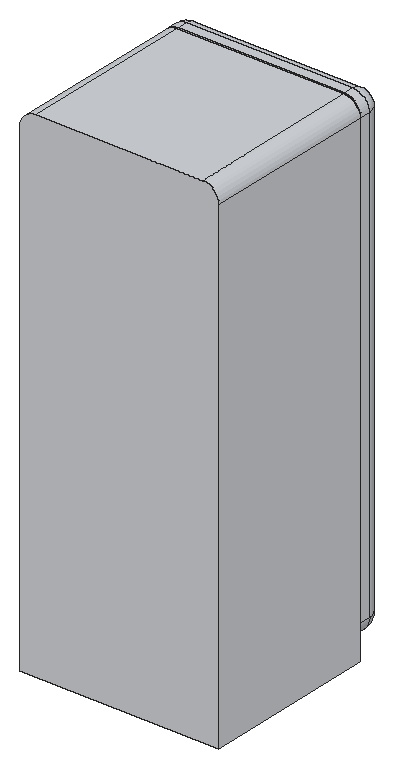
Revit family "Appliance_Fridge_007_Parametric", category Specialty Equipment, Revit 2013
Parameters (values of type "Type A")
  Water Usage Lt = ""
  Water Star Rating WELS = ""
  Supplier Contact No = ""
  Supplier Contact Name = ""
  Supplier Contact Email = ""
  Relocated_Furniture [instance] = no
  QA Date = ""
  QA By = ""
  Not_In_Contract [instance] = no
  Modelling Time = 0
  Modelled Office = ""
  Modelled Date = ""
  Modelled By = "Daniel Moodie"  # constant formula
  GECA Certificate = ""
  GECA Approved = no
  Finish_LOGO = none
  Finish_Handle = none
  Finish_Door = none
  Finish_Body = none
  Energy Usage KWh/yr = 0
  Energy Star Rating = ""
  By_Contractor [instance] = no
  By_Client [instance] = no
  AFRDI Certificate = ""
  AFRDI Approved = no
Reference planes
  plane 1 "Center (Front/Back)": y = 0
  plane 2: z = 0
  plane 3 "Center (Left/Right)": x = 0
  plane 4 "Left": x = -305.098
  plane 5 "Right": x = 305.098
  plane 6: y = 540.224
  plane 7: y = 545.32
  plane 8 "Front": y = 626.174
  plane 9: z = 61.157
  plane 10: z = 1547.942
  plane 11: z = 5
  plane 12: x = -265.098
  plane 13: x = 265.098
  plane 14: y = 505.32
  plane 15: y = 40
Forms (mm)
  Extrusion 1, solid, material <- "Finish_Body"
    sketch origin (0, 0, 0) x (1, 0, 0) y (0, 0, 1)
      loop
        line (254.822, 1547.942) -> (-254.822, 1547.942)
        arc (-254.822, 1547.942) -> (-290.373, 1533.217) -> (-305.098, 1497.667) r 50.275
        line (-305.098, 1497.667) -> (-305.098, 5) -> (305.098, 5) -> (305.098, 1497.667)
        arc (305.098, 1497.667) -> (290.373, 1533.217) -> (254.822, 1547.942) r 50.275
    from -540.224 to 0
  Extrusion 2, solid, material <- "Finish_Body"
    sketch origin (0, 0, 0) x (1, 0, 0) y (0, 0, 1)
      loop
        line (285.098, 81.157) -> (285.098, 1507.942)
        arc (285.098, 1507.942) -> (279.24, 1522.084) -> (265.098, 1527.942) r 20
        line (265.098, 1527.942) -> (-265.098, 1527.942)
        arc (-265.098, 1527.942) -> (-279.24, 1522.084) -> (-285.098, 1507.942) r 20
        line (-285.098, 1507.942) -> (-285.098, 81.157) -> (285.098, 81.157)
    from -545.32 to -540.224
  Extrusion 3, solid, material <- "Finish_Door"
    sketch origin (0, 0, 0) x (1, 0, 0) y (0, 0, 1)
      loop
        line (255.098, 1547.942) -> (-255.098, 1547.942)
        arc (-255.098, 1547.942) -> (-290.453, 1533.298) -> (-305.098, 1497.942) r 50
        line (-305.098, 1497.942) -> (-305.098, 111.157)
        arc (-305.098, 111.157) -> (-290.453, 75.802) -> (-255.098, 61.157) r 50
        line (-255.098, 61.157) -> (255.098, 61.157)
        arc (255.098, 61.157) -> (290.453, 75.802) -> (305.098, 111.157) r 50
        line (305.098, 111.157) -> (305.098, 1497.942)
        arc (305.098, 1497.942) -> (290.453, 1533.298) -> (255.098, 1547.942) r 50
    from -626.174 to -545.32
  Sweep 4, void
    path origin (0, 626.174, 0) x (-1, 0, 0) y (0, 0, 1)
      loop
        line (255.098, 1547.942) -> (-255.098, 1547.942)
        arc (-255.098, 1547.942) -> (-290.453, 1533.298) -> (-305.098, 1497.942) r 50
        line (-305.098, 1497.942) -> (-305.098, 111.157)
        arc (-305.098, 111.157) -> (-290.453, 75.802) -> (-255.098, 61.157) r 50
        line (-255.098, 61.157) -> (255.098, 61.157)
        arc (255.098, 61.157) -> (290.453, 75.802) -> (305.098, 111.157) r 50
        line (305.098, 111.157) -> (305.098, 1497.942)
        arc (305.098, 1497.942) -> (290.453, 1533.298) -> (255.098, 1547.942) r 50
    profile origin (0, 626.174, 1547.942) x (0, 0, -1) y (0, 1, 0)
      loop
        line (0, 0) -> (0, -49)
        arc (0, -49) -> (14.352, -14.352) -> (49, 0) r 49
        line (49, 0) -> (0, 0)
  Extrusion 5, solid, material <- "Finish_LOGO"
    sketch origin (0, 0, 0) x (1, 0, 0) y (0, 0, 1)
      loop
        line (56.463, 1388.322) -> (48.69, 1388.322) -> (40.492, 1370.74) -> (32.293, 1388.322) -> (24.52, 1388.322) -> (24.52, 1363.127) -> (30.814, 1363.127) -> (30.814, 1378.139) -> (38.458, 1363.395) -> (39.468, 1363.395) -> (41.516, 1363.395) -> (42.526, 1363.395) -> (51.209, 1378.139) -> (51.209, 1363.127) -> (56.463, 1363.127) -> (56.463, 1388.322)
      loop
        line (-58.215, 1388.322) -> (-58.215, 1384.963) -> (-38.848, 1384.963) -> (-38.848, 1377.828) -> (-58.215, 1377.828) -> (-58.215, 1373.75) -> (-38.848, 1373.75) -> (-38.848, 1365.596) -> (-58.215, 1365.596) -> (-58.215, 1361.519) -> (-30.694, 1361.519) -> (-30.694, 1388.322) -> (-58.215, 1388.322)
      loop
        arc (-140.111, 1388.054) -> (-142.911, 1386.894) -> (-144.07, 1384.095) r 3.959
        line (-144.07, 1384.095) -> (-144.07, 1379.209) -> (-137.906, 1379.209) -> (-137.906, 1381.82)
        arc (-137.906, 1381.82) -> (-137.179, 1383.575) -> (-135.424, 1384.301) r 2.482
        line (-135.424, 1384.301) -> (-123.477, 1384.301) -> (-120.293, 1384.301)
        arc (-120.293, 1384.301) -> (-118.533, 1383.572) -> (-117.803, 1381.812) r 2.49
        line (-117.803, 1381.812) -> (-117.803, 1368.529)
        arc (-117.803, 1368.529) -> (-118.528, 1366.781) -> (-120.276, 1366.057) r 2.472
        line (-120.276, 1366.057) -> (-135.892, 1366.057)
        arc (-135.892, 1366.057) -> (-137.695, 1366.804) -> (-138.442, 1368.607) r 2.55
        line (-138.442, 1368.607) -> (-138.442, 1372.35) -> (-126.917, 1372.35) -> (-126.917, 1375.188) -> (-144.07, 1375.188) -> (-144.07, 1366.519)
        arc (-144.07, 1366.519) -> (-142.606, 1362.983) -> (-139.07, 1361.519) r 5
        line (-139.07, 1361.519) -> (-117.675, 1361.519)
        arc (-117.675, 1361.519) -> (-113.786, 1363.13) -> (-112.175, 1367.019) r 5.5
        line (-112.175, 1367.019) -> (-112.175, 1382.554)
        arc (-112.175, 1382.554) -> (-113.786, 1386.443) -> (-117.675, 1388.054) r 5.5
        line (-117.675, 1388.054) -> (-119.948, 1388.054) -> (-140.111, 1388.054)
      loop
        arc (135.078, 1382.695) -> (137.759, 1380.014) -> (135.078, 1377.333) r 2.681
        line (135.078, 1377.333) -> (129.052, 1377.333) -> (125.836, 1377.333) -> (118.331, 1377.333) -> (112.418, 1377.333)
        arc (112.418, 1377.333) -> (109.587, 1376.16) -> (108.414, 1373.328) r 4.004
        line (108.414, 1373.328) -> (108.414, 1370.096) -> (108.414, 1366.005)
        arc (108.414, 1366.005) -> (109.571, 1363.212) -> (112.364, 1362.055) r 3.95
        line (112.364, 1362.055) -> (141.72, 1362.055)
        arc (141.72, 1362.055) -> (143.134, 1362.641) -> (143.72, 1364.055) r 2
        line (143.72, 1364.055) -> (143.72, 1370.363) -> (140.305, 1370.363) -> (140.305, 1368.648)
        arc (140.305, 1368.648) -> (139.866, 1367.587) -> (138.805, 1367.148) r 1.5
        line (138.805, 1367.148) -> (130.928, 1367.148) -> (123.423, 1367.148) -> (118.694, 1367.148)
        arc (118.694, 1367.148) -> (115.853, 1369.988) -> (118.694, 1372.829) r 2.841
        line (118.694, 1372.829) -> (139.75, 1372.829)
        arc (139.75, 1372.829) -> (142.557, 1373.992) -> (143.72, 1376.799) r 3.97
        line (143.72, 1376.799) -> (143.72, 1383.786)
        arc (143.72, 1383.786) -> (142.548, 1386.614) -> (139.72, 1387.786) r 4
        line (139.72, 1387.786) -> (111.267, 1387.786)
        arc (111.267, 1387.786) -> (109.818, 1387.186) -> (109.218, 1385.736) r 2.049
        line (109.218, 1385.736) -> (109.218, 1379.477) -> (116.187, 1379.477) -> (116.187, 1381.197)
        arc (116.187, 1381.197) -> (116.625, 1382.256) -> (117.684, 1382.695) r 1.498
        line (117.684, 1382.695) -> (135.078, 1382.695)
    from -631.271 to -626.174
  Extrusion 6, solid, material <- "Finish_Handle"
    sketch origin (0, 0, -32.252) x (1, 0, 0) y (0, 1, 0)
      loop
        line (223.522, 626.174) -> (254.822, 626.174) -> (254.822, 648.598) -> (182.453, 648.598) -> (182.453, 642.483) -> (223.522, 642.483) -> (223.522, 626.174)
    from 1100.913 to 1103.906
  Extrusion 7, solid, material <- "Finish_Handle"
    sketch origin (0, 0, -37.616) x (1, 0, 0) y (0, 1, 0)
      loop
        line (223.522, 626.174) -> (254.822, 626.174) -> (254.822, 648.598) -> (182.453, 648.598) -> (182.453, 642.483) -> (223.522, 642.483) -> (223.522, 626.174)
    from 1100.913 to 1103.551
  Extrusion 8, solid, material <- "Finish_Handle"
    sketch origin (0, 0, 0) x (1, 0, 0) y (0, 0, 1)
      loop
        line (223.224, 1071.655) -> (223.224, 1079.653) -> (108.067, 1075.631)
        arc (108.067, 1075.631) -> (38.19, 1071.583) -> (-31.508, 1065.158) r 2056.327
        arc (-31.508, 1065.158) -> (-34.036, 1063.86) -> (-35.051, 1061.206) r 3.976
        line (-35.051, 1061.206) -> (-35.051, 1052.103)
        arc (-35.051, 1052.103) -> (-34.036, 1049.449) -> (-31.508, 1048.151) r 3.976
        arc (-31.508, 1048.151) -> (38.19, 1041.727) -> (108.067, 1037.678) r 2056.327
        line (108.067, 1037.678) -> (223.224, 1033.657) -> (223.224, 1041.655) -> (182.453, 1041.655) -> (182.453, 1071.655) -> (223.224, 1071.655)
      loop
        line (221.424, 1073.455) -> (221.424, 1077.789) -> (108.135, 1073.833)
        arc (108.135, 1073.833) -> (38.302, 1069.786) -> (-31.352, 1063.365) r 2054.527
        arc (-31.352, 1063.365) -> (-32.707, 1062.669) -> (-33.251, 1061.246) r 2.131
        line (-33.251, 1061.246) -> (-33.251, 1052.063)
        arc (-33.251, 1052.063) -> (-32.707, 1050.64) -> (-31.352, 1049.945) r 2.131
        arc (-31.352, 1049.945) -> (38.302, 1043.523) -> (108.135, 1039.477) r 2054.527
        line (108.135, 1039.477) -> (221.424, 1035.521) -> (221.424, 1039.855) -> (180.653, 1039.855) -> (180.653, 1073.455) -> (221.424, 1073.455)
    from -645.541 to -642.483
  Extrusion 9, solid, material <- "Finish_Handle"
    sketch origin (0, 0, -10.785) x (1, 0, 0) y (0, 1, 0)
      loop
        line (143.72, 646.56) -> (143.72, 642.483) -> (182.453, 642.483) -> (182.453, 646.56)
        arc (182.453, 646.56) -> (163.086, 648.598) -> (143.72, 646.56) r 93.01
    from 1052.427 to 1082.284
  Extrusion 10, solid, material <- "Finish_Handle"
    sketch origin (0, 0, -34.89) x (1, 0, 0) y (0, 1, 0)
      loop
        line (223.522, 626.174) -> (251.765, 626.174) -> (251.765, 645.541) -> (182.453, 645.541) -> (182.453, 642.483) -> (223.522, 642.483) -> (223.522, 626.174)
    from 1100.826 to 1103.551
  Extrusion 11, solid, material <- "Finish_Handle"
    sketch origin (0, 0, -40.254) x (1, 0, 0) y (0, 1, 0)
      loop
        line (223.522, 626.174) -> (251.765, 626.174) -> (251.765, 645.541) -> (182.453, 645.541) -> (182.453, 642.483) -> (223.522, 642.483) -> (223.522, 626.174)
    from 1100.826 to 1103.551
  Extrusion 12, solid, material <- "Finish_Handle"
    sketch origin (0, 0, -42.98) x (1, 0, 0) y (0, 1, 0)
      loop
        line (223.522, 626.174) -> (254.822, 626.174) -> (254.822, 648.598) -> (182.453, 648.598) -> (182.453, 642.483) -> (223.522, 642.483) -> (223.522, 626.174)
    from 1100.913 to 1103.551
  Extrusion 13, solid, material <- "Finish_Handle"
    sketch origin (0, 0, -48.344) x (1, 0, 0) y (0, 1, 0)
      loop
        line (223.522, 626.174) -> (254.822, 626.174) -> (254.822, 648.598) -> (182.453, 648.598) -> (182.453, 642.483) -> (223.522, 642.483) -> (223.522, 626.174)
    from 1100.913 to 1103.551
  Extrusion 14, solid, material <- "Finish_Handle"
    sketch origin (0, 0, -45.618) x (1, 0, 0) y (0, 1, 0)
      loop
        line (223.522, 626.174) -> (251.765, 626.174) -> (251.765, 645.541) -> (182.453, 645.541) -> (182.453, 642.483) -> (223.522, 642.483) -> (223.522, 626.174)
    from 1100.826 to 1103.551
  Extrusion 15, solid, material <- "Finish_Handle"
    sketch origin (0, 0, -50.982) x (1, 0, 0) y (0, 1, 0)
      loop
        line (223.522, 626.174) -> (251.765, 626.174) -> (251.765, 645.541) -> (182.453, 645.541) -> (182.453, 642.483) -> (223.522, 642.483) -> (223.522, 626.174)
    from 1100.826 to 1103.551
  Extrusion 16, solid, material <- "Finish_Handle"
    sketch origin (0, 0, -53.708) x (1, 0, 0) y (0, 1, 0)
      loop
        line (223.522, 626.174) -> (254.822, 626.174) -> (254.822, 648.598) -> (182.453, 648.598) -> (182.453, 642.483) -> (223.522, 642.483) -> (223.522, 626.174)
    from 1100.913 to 1103.551
  Extrusion 17, solid, material <- "Finish_Handle"
    sketch origin (0, 0, -59.072) x (1, 0, 0) y (0, 1, 0)
      loop
        line (223.522, 626.174) -> (254.822, 626.174) -> (254.822, 648.598) -> (182.453, 648.598) -> (182.453, 642.483) -> (223.522, 642.483) -> (223.522, 626.174)
    from 1100.726 to 1103.551
  Extrusion 18, solid, material <- "Finish_Handle"
    sketch origin (0, 0, -56.346) x (1, 0, 0) y (0, 1, 0)
      loop
        line (223.522, 626.174) -> (251.765, 626.174) -> (251.765, 645.541) -> (182.453, 645.541) -> (182.453, 642.483) -> (223.522, 642.483) -> (223.522, 626.174)
    from 1100.826 to 1103.551
  Extrusion 19, solid, material <- "Finish_Handle"
    sketch origin (0.027, 626.174, 0.011) x (-1, 0, 0) y (0, 0, 1)
      loop
        arc (33.278, 1060.815) -> (32.734, 1062.237) -> (31.379, 1062.933) r 2.131
        arc (31.379, 1062.933) -> (19.971, 1064.149) -> (8.555, 1065.301) r 2054.527
        arc (8.555, 1065.301) -> (7.137, 1064.831) -> (6.532, 1063.466) r 1.844
        line (6.532, 1063.466) -> (6.532, 1049.759)
        arc (6.532, 1049.759) -> (7.118, 1048.436) -> (8.492, 1047.981) r 1.786
        arc (8.492, 1047.981) -> (19.939, 1049.136) -> (31.379, 1050.355) r 2054.527
        arc (31.379, 1050.355) -> (32.734, 1051.051) -> (33.278, 1052.473) r 2.131
        line (33.278, 1052.473) -> (33.278, 1060.815)
    from 0 to 11.016
  Extrusion 20, solid, material <- "Finish_Handle"
    sketch origin (0, 626.174, 0) x (-1, 0, 0) y (0, 0, 1)
      loop
        line (-180.653, 1039.855) -> (-221.424, 1039.855) -> (-221.424, 1035.521) -> (-108.135, 1039.477)
        arc (-108.135, 1039.477) -> (-38.302, 1043.523) -> (31.352, 1049.945) r 2054.527
        arc (31.352, 1049.945) -> (32.707, 1050.64) -> (33.251, 1052.063) r 2.131
        line (33.251, 1052.063) -> (33.251, 1061.246)
        arc (33.251, 1061.246) -> (32.707, 1062.669) -> (31.352, 1063.365) r 2.131
        arc (31.352, 1063.365) -> (-38.302, 1069.786) -> (-108.135, 1073.833) r 2054.527
        line (-108.135, 1073.833) -> (-221.424, 1077.789) -> (-221.424, 1073.455) -> (-180.653, 1073.455) -> (-180.653, 1039.855)
    from 11.016 to 16.309
  Extrusion 21, solid
    sketch origin (0, 0, 0) x (1, 0, 0) y (0, 1, 0)
      loop
        circle (-265.098, 505.32) r 20
    from 0 to 5
  Extrusion 22, solid
    sketch origin (0, 0, 0) x (1, 0, 0) y (0, 1, 0)
      loop
        circle (265.098, 505.32) r 20
    from 0 to 5
  Extrusion 23, solid
    sketch origin (0, 0, 0) x (1, 0, 0) y (0, 1, 0)
      loop
        circle (-265.098, 40) r 20
    from 0 to 5
  Extrusion 24, solid
    sketch origin (0, 0, 0) x (1, 0, 0) y (0, 1, 0)
      loop
        circle (265.098, 40) r 20
    from 0 to 5
Cuts and joins
  Sweep 4 cuts Extrusion 3
Text (mm)
  text "Front" at (-1864.71, 1927.723, 0), in view "Ref. Level"
  text "Back" at (-1864.71, -1851.485, 0), in view "Ref. Level"
Dimensions and locks
  plane 1 "Center (Front/Back)" to plane 6 = 540.224 mm
  equal spacing: plane 4 "Left", plane 3 "Center (Left/Right)", plane 5 "Right"
  plane 4 "Left" to plane 5 "Right" = 610.196 mm
  plane 8 "Front" to plane 1 "Center (Front/Back)" = 626.174 mm
  plane 4 "Left" to plane 12 = 40 mm
  plane 13 to plane 5 "Right" = 40 mm
  plane 14 to plane 7 = 40 mm
  plane 1 "Center (Front/Back)" to plane 15 = 40 mm
  aligned and locked: level to plane 2
  aligned and locked: plane 10 to Extrusion 1 sketch curve
  aligned and locked: plane 5 "Right" to Extrusion 1 sketch curve
  aligned and locked: plane 4 "Left" to Extrusion 1 sketch curve
  aligned and locked: plane 1 "Center (Front/Back)" to Extrusion 1
  aligned and locked: plane 6 to Extrusion 1
  aligned and locked: Extrusion 2 to plane 6
  aligned and locked: Extrusion 2 to plane 7
  aligned and locked: plane 10 to Extrusion 3 sketch curve
  aligned and locked: plane 5 "Right" to Extrusion 3 sketch curve
  aligned and locked: Extrusion 3 sketch curve to plane 9
  aligned and locked: Extrusion 3 sketch curve to plane 4 "Left"
  aligned and locked: plane 8 "Front" to Extrusion 3
  aligned and locked: plane 7 to Extrusion 3
  aligned and locked: Sweep 4 sketch curve to Extrusion 3  (x4)
  aligned and locked: Extrusion 6 sketch curve to plane 8 "Front"
  aligned and locked: plane 11 to Extrusion 1 sketch curve
  aligned and locked: plane 11 to Extrusion 24
  aligned and locked: plane 11 to Extrusion 22
  aligned and locked: plane 11 to Extrusion 21
  aligned and locked: plane 11 to Extrusion 23
Automatic sketch dimensions
  plane 4 "Left" to Extrusion 2 sketch curve = 20 mm
  Extrusion 2 sketch curve to Extrusion 2 sketch curve = 20 mm
  Extrusion 2 sketch curve to plane 5 "Right" = 40 mm
  Extrusion 2 sketch curve to plane 5 "Right" = 20 mm
  plane 9 to Extrusion 2 sketch curve = 20 mm
  Extrusion 2 sketch curve to plane 10 = 40 mm
  plane 4 "Left" to Extrusion 3 sketch curve = 50 mm  (x2)
  Extrusion 3 sketch curve to plane 5 "Right" = 50 mm  (x2)
  Sweep 4 sketch curve to profile plane = 0 mm  (x2)
  Sweep 4 sketch curve to Sweep 4 sketch curve = 49 mm
  plane 8 "Front" to Extrusion 6 sketch curve = 22.424 mm
  Extrusion 6 sketch curve to plane 5 "Right" = 122.645 mm
  plane 8 "Front" to Extrusion 6 sketch curve = 16.309 mm
  Extrusion 6 sketch curve to Extrusion 6 sketch curve = 41.069 mm
  Extrusion 6 sketch curve to Extrusion 6 sketch curve = 31.301 mm
  Extrusion 7 sketch curve to plane 8 "Front" = 0 mm
  plane 8 "Front" to Extrusion 7 sketch curve = 22.424 mm
  Extrusion 7 sketch curve to plane 5 "Right" = 122.645 mm
  plane 8 "Front" to Extrusion 7 sketch curve = 16.309 mm
  Extrusion 7 sketch curve to Extrusion 7 sketch curve = 41.069 mm
  Extrusion 7 sketch curve to Extrusion 7 sketch curve = 31.301 mm
  plane 8 "Front" to Extrusion 9 sketch curve = 16.309 mm
  plane 3 "Center (Left/Right)" to Extrusion 9 sketch curve = 143.72 mm
  Extrusion 9 sketch curve to plane 7 = 10.268 mm
  Extrusion 9 sketch curve to Extrusion 9 sketch curve = 19.367 mm
  Extrusion 9 sketch curve to Extrusion 9 sketch curve = 38.733 mm
  Extrusion 9 sketch curve to Extrusion 9 sketch curve = 4.077 mm
  Extrusion 10 sketch curve to plane 8 "Front" = 0 mm
  plane 8 "Front" to Extrusion 10 sketch curve = 19.367 mm
  Extrusion 10 sketch curve to plane 5 "Right" = 122.645 mm
  plane 8 "Front" to Extrusion 10 sketch curve = 16.309 mm
  Extrusion 10 sketch curve to Extrusion 10 sketch curve = 41.069 mm
  Extrusion 10 sketch curve to Extrusion 10 sketch curve = 28.243 mm
  Extrusion 11 sketch curve to plane 8 "Front" = 0 mm
  plane 8 "Front" to Extrusion 11 sketch curve = 19.367 mm
  Extrusion 11 sketch curve to plane 5 "Right" = 122.645 mm
  plane 8 "Front" to Extrusion 11 sketch curve = 16.309 mm
  Extrusion 11 sketch curve to Extrusion 11 sketch curve = 41.069 mm
  Extrusion 11 sketch curve to Extrusion 11 sketch curve = 28.243 mm
  Extrusion 12 sketch curve to plane 8 "Front" = 0 mm
  plane 8 "Front" to Extrusion 12 sketch curve = 22.424 mm
  Extrusion 12 sketch curve to plane 5 "Right" = 122.645 mm
  plane 8 "Front" to Extrusion 12 sketch curve = 16.309 mm
  Extrusion 12 sketch curve to Extrusion 12 sketch curve = 41.069 mm
  Extrusion 12 sketch curve to Extrusion 12 sketch curve = 31.301 mm
  Extrusion 13 sketch curve to plane 8 "Front" = 0 mm
  plane 8 "Front" to Extrusion 13 sketch curve = 22.424 mm
  Extrusion 13 sketch curve to plane 5 "Right" = 122.645 mm
  plane 8 "Front" to Extrusion 13 sketch curve = 16.309 mm
  Extrusion 13 sketch curve to Extrusion 13 sketch curve = 41.069 mm
  Extrusion 13 sketch curve to Extrusion 13 sketch curve = 31.301 mm
  Extrusion 14 sketch curve to plane 8 "Front" = 0 mm
  plane 8 "Front" to Extrusion 14 sketch curve = 19.367 mm
  Extrusion 14 sketch curve to plane 5 "Right" = 122.645 mm
  plane 8 "Front" to Extrusion 14 sketch curve = 16.309 mm
  Extrusion 14 sketch curve to Extrusion 14 sketch curve = 41.069 mm
  Extrusion 14 sketch curve to Extrusion 14 sketch curve = 28.243 mm
  Extrusion 15 sketch curve to plane 8 "Front" = 0 mm
  plane 8 "Front" to Extrusion 15 sketch curve = 19.367 mm
  Extrusion 15 sketch curve to plane 5 "Right" = 122.645 mm
  plane 8 "Front" to Extrusion 15 sketch curve = 16.309 mm
  Extrusion 15 sketch curve to Extrusion 15 sketch curve = 41.069 mm
  Extrusion 15 sketch curve to Extrusion 15 sketch curve = 28.243 mm
  Extrusion 16 sketch curve to plane 8 "Front" = 0 mm
  plane 8 "Front" to Extrusion 16 sketch curve = 22.424 mm
  Extrusion 16 sketch curve to plane 5 "Right" = 122.645 mm
  plane 8 "Front" to Extrusion 16 sketch curve = 16.309 mm
  Extrusion 16 sketch curve to Extrusion 16 sketch curve = 41.069 mm
  Extrusion 16 sketch curve to Extrusion 16 sketch curve = 31.301 mm
  Extrusion 17 sketch curve to plane 8 "Front" = 0 mm
  plane 8 "Front" to Extrusion 17 sketch curve = 22.424 mm
  Extrusion 17 sketch curve to plane 5 "Right" = 122.645 mm
  plane 8 "Front" to Extrusion 17 sketch curve = 16.309 mm
  Extrusion 17 sketch curve to Extrusion 17 sketch curve = 41.069 mm
  Extrusion 17 sketch curve to Extrusion 17 sketch curve = 31.301 mm
  Extrusion 18 sketch curve to plane 8 "Front" = 0 mm
  plane 8 "Front" to Extrusion 18 sketch curve = 19.367 mm
  Extrusion 18 sketch curve to plane 5 "Right" = 122.645 mm
  plane 8 "Front" to Extrusion 18 sketch curve = 16.309 mm
  Extrusion 18 sketch curve to Extrusion 18 sketch curve = 41.069 mm
  Extrusion 18 sketch curve to Extrusion 18 sketch curve = 28.243 mm
  Extrusion 5 sketch curve to plane 3 "Center (Left/Right)" = 144.07 mm
  Extrusion 5 sketch curve to Extrusion 5 sketch curve = 0 mm  (x5)
  Extrusion 5 sketch curve to Extrusion 5 sketch curve = 3.959 mm
  Extrusion 5 sketch curve to Extrusion 5 sketch curve = 5 mm
  Extrusion 5 sketch curve to Extrusion 5 sketch curve = 0.629 mm
  Extrusion 5 sketch curve to Extrusion 5 sketch curve = 2.206 mm
  Extrusion 5 sketch curve to Extrusion 5 sketch curve = 3.178 mm
  Extrusion 5 sketch curve to Extrusion 5 sketch curve = 2.482 mm
  Extrusion 5 sketch curve to Extrusion 5 sketch curve = 8.508 mm
  Extrusion 5 sketch curve to Extrusion 5 sketch curve = 3.439 mm
  Extrusion 5 sketch curve to Extrusion 5 sketch curve = 3.184 mm
  Extrusion 5 sketch curve to Extrusion 5 sketch curve = 6.641 mm
  Extrusion 5 sketch curve to Extrusion 5 sketch curve = 0.345 mm
  Extrusion 5 sketch curve to Extrusion 5 sketch curve = 2.49 mm
  Extrusion 5 sketch curve to Extrusion 5 sketch curve = 0.129 mm
  Extrusion 5 sketch curve to Extrusion 5 sketch curve = 2.273 mm
  Extrusion 5 sketch curve to Extrusion 5 sketch curve = 5.5 mm  (x2)
  Extrusion 5 sketch curve to Extrusion 5 sketch curve = 53.96 mm
  Extrusion 5 sketch curve to Extrusion 5 sketch curve = 19.367 mm
  Extrusion 5 sketch curve to Extrusion 5 sketch curve = 8.154 mm  (x2)
  plane 3 "Center (Left/Right)" to Extrusion 5 sketch curve = 24.52 mm
  Extrusion 5 sketch curve to Extrusion 5 sketch curve = 6.294 mm
  Extrusion 5 sketch curve to Extrusion 5 sketch curve = 7.773 mm
  Extrusion 5 sketch curve to Extrusion 5 sketch curve = 7.644 mm
  Extrusion 5 sketch curve to Extrusion 5 sketch curve = 1.01 mm  (x2)
  Extrusion 5 sketch curve to Extrusion 5 sketch curve = 1.024 mm
  Extrusion 5 sketch curve to Extrusion 5 sketch curve = 2.048 mm
  Extrusion 5 sketch curve to Extrusion 5 sketch curve = 16.397 mm
  Extrusion 5 sketch curve to Extrusion 5 sketch curve = 2.519 mm
  Extrusion 5 sketch curve to Extrusion 5 sketch curve = 5.254 mm
  Extrusion 5 sketch curve to Extrusion 5 sketch curve = 51.951 mm
  Extrusion 5 sketch curve to Extrusion 5 sketch curve = 0.804 mm
  Extrusion 5 sketch curve to Extrusion 5 sketch curve = 2.049 mm
  Extrusion 5 sketch curve to Extrusion 5 sketch curve = 3.95 mm
  Extrusion 5 sketch curve to Extrusion 5 sketch curve = 3.2 mm
  Extrusion 5 sketch curve to Extrusion 5 sketch curve = 3.768 mm
  Extrusion 5 sketch curve to Extrusion 5 sketch curve = 1.498 mm
  Extrusion 5 sketch curve to Extrusion 5 sketch curve = 2.144 mm  (x2)
  Extrusion 5 sketch curve to Extrusion 5 sketch curve = 6.33 mm
  Extrusion 5 sketch curve to Extrusion 5 sketch curve = 4.73 mm
  Extrusion 5 sketch curve to Extrusion 5 sketch curve = 7.505 mm  (x2)
  Extrusion 5 sketch curve to Extrusion 5 sketch curve = 3.216 mm
  Extrusion 5 sketch curve to Extrusion 5 sketch curve = 6.026 mm
  Extrusion 5 sketch curve to Extrusion 5 sketch curve = 7.877 mm
  Extrusion 5 sketch curve to Extrusion 5 sketch curve = 2.915 mm
  Extrusion 5 sketch curve to Extrusion 5 sketch curve = 4.642 mm
  Extrusion 5 sketch curve to Extrusion 5 sketch curve = 0.945 mm
  Extrusion 5 sketch curve to Extrusion 5 sketch curve = 1.5 mm
  Extrusion 5 sketch curve to Extrusion 5 sketch curve = 4 mm
  Extrusion 5 sketch curve to Extrusion 5 sketch curve = 3.415 mm
  Extrusion 5 sketch curve to plane 10 = 186.423 mm
  Extrusion 5 sketch curve to Extrusion 5 sketch curve = 0.536 mm
  Extrusion 5 sketch curve to Extrusion 5 sketch curve = 1.608 mm
  Extrusion 5 sketch curve to Extrusion 5 sketch curve = 0.268 mm
  Extrusion 5 sketch curve to Extrusion 5 sketch curve = 4.077 mm  (x2)
  Extrusion 5 sketch curve to Extrusion 5 sketch curve = 0.461 mm
  Extrusion 5 sketch curve to Extrusion 5 sketch curve = 3.093 mm
  Extrusion 5 sketch curve to Extrusion 5 sketch curve = 2.841 mm
  Extrusion 5 sketch curve to Extrusion 5 sketch curve = 4.091 mm
  Extrusion 5 sketch curve to Extrusion 5 sketch curve = 1.716 mm
  Extrusion 5 sketch curve to Extrusion 5 sketch curve = 7.345 mm
  Extrusion 5 sketch curve to Extrusion 5 sketch curve = 3.742 mm
  Extrusion 5 sketch curve to Extrusion 5 sketch curve = 3.232 mm
  Extrusion 5 sketch curve to Extrusion 5 sketch curve = 2.839 mm
  Extrusion 5 sketch curve to Extrusion 5 sketch curve = 7.399 mm  (x2)
  Extrusion 5 sketch curve to Extrusion 5 sketch curve = 6.859 mm
  Extrusion 5 sketch curve to Extrusion 5 sketch curve = 2.681 mm
  Extrusion 5 sketch curve to Extrusion 5 sketch curve = 6.623 mm
  Extrusion 5 sketch curve to Extrusion 5 sketch curve = 0.742 mm
  Extrusion 5 sketch curve to Extrusion 5 sketch curve = 6.987 mm
  Extrusion 5 sketch curve to Extrusion 5 sketch curve = 7.135 mm
  Extrusion 5 sketch curve to Extrusion 5 sketch curve = 3.359 mm
  Extrusion 5 sketch curve to Extrusion 5 sketch curve = 10.183 mm  (x2)
  Extrusion 8 sketch curve to Extrusion 8 sketch curve = 0 mm  (x9)
  Extrusion 8 sketch curve to plane 3 "Center (Left/Right)" = 35.051 mm
  Extrusion 8 sketch curve to Extrusion 8 sketch curve = 1.8 mm  (x6)
  Extrusion 8 sketch curve to Extrusion 8 sketch curve = 1.744 mm  (x2)
  Extrusion 8 sketch curve to Extrusion 8 sketch curve = 0.156 mm  (x2)
  Extrusion 8 sketch curve to Extrusion 8 sketch curve = 0.232 mm  (x2)
  Extrusion 8 sketch curve to Extrusion 8 sketch curve = 0.045 mm  (x2)
  Extrusion 8 sketch curve to Extrusion 8 sketch curve = 0.068 mm  (x2)
  Extrusion 8 sketch curve to Extrusion 8 sketch curve = 72.518 mm
  Extrusion 8 sketch curve to Extrusion 8 sketch curve = 38.972 mm
  Extrusion 8 sketch curve to Extrusion 8 sketch curve = 40.176 mm
  Extrusion 8 sketch curve to Extrusion 8 sketch curve = 1.864 mm  (x2)
  Extrusion 8 sketch curve to Extrusion 8 sketch curve = 36.155 mm
  Extrusion 8 sketch curve to Extrusion 8 sketch curve = 1.799 mm
  Extrusion 8 sketch curve to Extrusion 8 sketch curve = 4.334 mm  (x2)
  Extrusion 8 sketch curve to Extrusion 8 sketch curve = 13.055 mm
  Extrusion 8 sketch curve to Extrusion 8 sketch curve = 30 mm
  Extrusion 8 sketch curve to Extrusion 8 sketch curve = 13.096 mm
  Extrusion 8 sketch curve to Extrusion 8 sketch curve = 3.544 mm
  Extrusion 8 sketch curve to level = 978.98 mm
  Extrusion 19 sketch curve to plane 5 "Right" = 113.043 mm  (x2)
  Extrusion 19 sketch curve to plane 3 "Center (Left/Right)" = 6.505 mm
  Extrusion 19 sketch curve to Extrusion 19 sketch curve = 1.786 mm
  Extrusion 19 sketch curve to Extrusion 19 sketch curve = 1.844 mm
  Extrusion 19 sketch curve to Extrusion 19 sketch curve = 0.174 mm
  Extrusion 19 sketch curve to Extrusion 19 sketch curve = 0 mm  (x4)
  Extrusion 19 sketch curve to Extrusion 19 sketch curve = 0.18 mm
  Extrusion 19 sketch curve to Extrusion 19 sketch curve = 22.83 mm
  Extrusion 19 sketch curve to Extrusion 19 sketch curve = 0.232 mm  (x2)
  Extrusion 19 sketch curve to level = 979.401 mm
  Extrusion 19 sketch curve to Extrusion 19 sketch curve = 15.484 mm
  Extrusion 20 sketch curve to plane 5 "Right" = 83.673 mm
  Extrusion 20 sketch curve to Extrusion 20 sketch curve = 0 mm  (x5)
  Extrusion 20 sketch curve to plane 5 "Right" = 113.043 mm  (x2)
  Extrusion 20 sketch curve to Extrusion 20 sketch curve = 40.772 mm
  Extrusion 20 sketch curve to Extrusion 20 sketch curve = 72.518 mm
  Extrusion 20 sketch curve to plane 3 "Center (Left/Right)" = 31.121 mm
  Extrusion 20 sketch curve to Extrusion 20 sketch curve = 0.232 mm  (x2)
  Extrusion 20 sketch curve to Extrusion 20 sketch curve = 2.131 mm
  Extrusion 20 sketch curve to level = 978.98 mm
  Extrusion 20 sketch curve to Extrusion 20 sketch curve = 38.312 mm
  Extrusion 20 sketch curve to Extrusion 20 sketch curve = 34.356 mm
  Extrusion 20 sketch curve to Extrusion 20 sketch curve = 4.334 mm  (x2)
  Extrusion 20 sketch curve to Extrusion 20 sketch curve = 33.6 mm
  Extrusion 1 sketch curve to Extrusion 1 sketch curve = 50.275 mm
  Extrusion 1 sketch curve to plane 5 "Right" = 50.275 mm
  Extrusion 21 sketch curve to plane 12 = 0 mm
  Extrusion 21 sketch curve to plane 14 = 0 mm
  Extrusion 22 sketch curve to plane 13 = 0 mm
  Extrusion 22 sketch curve to plane 14 = 0 mm
  Extrusion 23 sketch curve to plane 12 = 0 mm
  Extrusion 23 sketch curve to plane 15 = 0 mm
  Extrusion 24 sketch curve to plane 13 = 0 mm
  Extrusion 24 sketch curve to plane 15 = 0 mm
  radius of Extrusion 21 sketch curve = 20 mm
  radius of Extrusion 22 sketch curve = 20 mm
  radius of Extrusion 23 sketch curve = 20 mm
  radius of Extrusion 24 sketch curve = 20 mm
